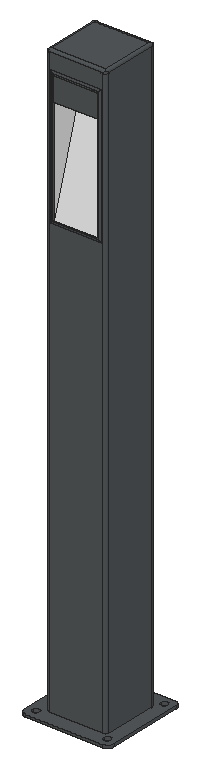
Revit family "svetilnik_alfresco_ar deko_dtu19", category Lighting Fixtures, Revit 2016 (continued)
Definition of nested family "Источник света Ар_Деко"
  Types (5, lengths in mm): name | Photometric Web File | built-in parameter 1150142
      \r\n       0.2       0.2       0.2       0.2       0.2       0.2       0.2       0.2\r\n       0.2       0.2       0.2       0.2       0.2       0.2       0.2       0.2\r\n       0.2       0.2       0.2       0.2       0.3       0.2       0.2       0.2\r\n       0.2       0.2       0.3       0.3       0.2       0.3       0.3       0.3\r\n       0.3       0.3       0.3       0.2       0.2       0.3       0.3       0.2\r\n       0.2       0.2       0.2       0.2       0.1       0.1       0.1       0.1\r\n       0.1       0.1       0.0       0.0       0.0\r\n       0.0       0.0       0.3       0.2       0.3       0.2       0.2       0.2\r\n       0.3       0.3       0.3       0.3       4.6      78.9     142.8     185.9\r\n     223.5     262.1     318.1     370.2     458.1     526.7     535.8     533.9\r\n     533.3     532.6     534.8     534.8     534.7     533.1     535.8     535.6\r\n     535.7     535.4     531.6     532.7     531.1     524.8     522.6     522.4\r\n     517.1     515.0     512.4     511.3     510.4     507.2     504.4     500.2\r\n     495.5     493.1     489.6     486.2     479.2     471.1     450.6     421.7\r\n     391.2     365.6     348.9     339.1     318.4     302.9     291.3     277.1\r\n     263.7     243.6     235.5     228.9     210.2     192.3     180.0     172.6\r\n     155.7     137.7     122.3     103.6      91.6      83.6      66.9      43.2\r\n      19.9       5.3       0.9       0.2       0.2       0.2       0.2       0.2\r\n       0.2       0.2       0.2       0.2       0.2       0.2       0.2       0.2\r\n       0.2       0.2       0.2       0.2       0.2       0.2       0.2       0.2\r\n       0.2       0.2       0.2       0.2       0.2       0.2       0.2       0.2\r\n       0.2       0.2       0.2       0.2       0.2       0.2       0.2       0.2\r\n       0.2       0.2       0.2       0.2       0.2       0.2       0.2       0.2\r\n       0.2       0.2       0.2       0.2       0.2       0.2       0.2       0.2\r\n       0.2       0.2       0.2       0.2       0.2       0.2       0.2       0.2\r\n       0.2       0.2       0.2       0.3       0.3       0.3       0.2       0.3\r\n       0.2       0.3       0.3       0.3       0.3       0.3       0.3       0.3\r\n       0.3       0.3       0.3       0.3       0.2       0.3       0.3       0.3\r\n       0.3       0.2       0.2       0.2       0.1       0.1       0.1       0.1\r\n       0.1       0.1       0.0       0.0       0.0\r\n       0.0       0.0       0.3       0.2       0.3       0.2       0.2       0.2\r\n       0.3       0.4       0.3       0.4      10.6      91.2     152.8     193.3\r\n     230.4     273.9     332.1     387.0     483.5     527.0     529.1     529.4\r\n     531.5     532.1     536.3     536.5     537.8     536.7     535.4     534.9\r\n     532.4     531.9     530.5     529.1     529.4     528.0     526.3     524.6\r\n     525.1     522.4     517.3     512.3     511.7     507.9     504.6     502.8\r\n     500.7     498.3     492.5     485.9     477.2     465.6     443.3     418.5\r\n     391.4     362.9     344.9     330.7     313.0     297.6     290.6     281.1\r\n     263.8     246.0     234.3     224.1     209.5     195.4     181.9     171.7\r\n     155.3     138.6     124.0     103.1      91.1      79.4      62.1      44.5\r\n      23.2       5.7       0.5       0.2       0.2       0.2       0.2       0.2\r\n       0.2       0.2       0.2       0.2       0.2       0.2       0.2       0.2\r\n       0.2       0.2       0.2       0.2       0.2       0.2       0.2       0.2\r\n       0.2       0.2       0.2       0.2       0.2       0.2       0.2       0.2\r\n       0.2       0.2       0.2       0.2       0.2       0.2       0.2       0.2\r\n       0.2       0.2       0.2       0.2       0.2       0.2       0.2       0.2\r\n       0.2       0.2       0.2       0.2       0.2       0.2       0.2       0.2\r\n       0.2       0.2       0.2       0.2       0.2       0.2       0.2       0.3\r\n       0.3       0.3       0.2       0.3       0.3       0.3       0.3       0.3\r\n       0.3       0.3       0.3       0.3       0.3       0.3       0.3       0.3\r\n       0.3       0.3       0.3       0.3       0.3       0.3       0.3       0.3\r\n       0.3       0.2       0.2       0.2       0.1       0.1       0.1       0.1\r\n       0.1       0.1       0.0       0.0       0.0\r\n       0.0       0.0       0.3       0.2       0.3       0.2       0.2       0.2\r\n       0.3       0.4       0.3       0.4      19.5      97.9     159.2     203.3\r\n     245.7     295.2     350.0     404.0     496.9     525.7     524.4     525.9\r\n     528.8     531.2     533.4     534.8     536.6     538.5     538.2     539.2\r\n     538.2     540.7     540.6     536.5     534.0     532.2     531.4     526.1\r\n     526.9     524.4     521.8     521.5     519.9     514.6     513.7     509.8\r\n     498.4     495.1     493.8     488.0     480.8     466.4     440.6     408.7\r\n     379.6     362.8     346.4     330.2     310.8     298.1     290.5     272.1\r\n     256.8     243.4     235.9     223.3     203.5     188.3     179.2     168.8\r\n     150.6     134.1     115.7     101.8      91.0      78.6      60.2      38.3\r\n      17.5       3.9       0.6       0.2       0.2       0.2       0.2       0.2\r\n       0.2       0.2       0.2       0.2       0.2       0.2       0.2       0.2\r\n       0.2       0.2       0.2       0.2       0.2       0.2       0.2       0.2\r\n       0.2       0.2       0.2       0.2       0.2       0.2       0.2       0.2\r\n       0.2       0.2       0.2       0.2       0.2       0.2       0.2       0.2\r\n       0.2       0.2       0.2       0.2       0.2       0.2       0.2       0.2\r\n       0.2       0.2       0.2       0.3       0.2       0.2       0.3       0.2\r\n       0.2       0.2       0.3       0.2       0.3       0.2       0.3       0.3\r\n       0.3       0.3       0.3       0.3       0.3       0.3       0.3       0.3\r\n       0.3       0.3       0.3       0.3       0.3       0.3       0.3       0.3\r\n       0.3       0.3       0.3       0.3       0.3       0.3       0.3       0.3\r\n       0.3       0.3       0.3       0.2       0.1       0.1       0.1       0.1\r\n       0.1       0.1       0.0       0.0       0.0\r\n       0.0       0.0       0.3       0.2       0.3       0.2       0.2       0.2\r\n       0.3       0.4       0.3       0.4      27.1     103.7     162.8     210.4\r\n     255.5     309.3     364.3     425.8     510.3     529.1     530.1     531.7\r\n     534.6     534.5     535.2     538.5     534.0     540.3     539.5     538.3\r\n     540.7     536.3     536.0     536.8     535.5     531.1     530.8     530.1\r\n     526.4     524.1     525.1     522.4     521.5     515.4     513.3     512.8\r\n     508.9     506.9     502.3     496.8     490.9     468.4     443.5     414.8\r\n     386.1     363.2     350.0     332.8     313.4     300.0     291.4     276.8\r\n     258.7     244.6     235.6     223.8     206.8     194.0     185.6     173.6\r\n     152.3     136.6     116.8      97.9      87.4      74.9      59.9      38.1\r\n      17.2       2.9       0.3       0.3       0.2       0.2       0.2       0.3\r\n       0.2       0.2       0.3       0.3       0.2       0.2       0.2       0.2\r\n       0.2       0.2       0.2       0.2       0.2       0.2       0.2       0.2\r\n       0.3       0.2       0.2       0.2       0.2       0.2       0.3       0.2\r\n       0.2       0.2       0.2       0.3       0.3       0.3       0.3       0.2\r\n       0.2       0.3       0.2       0.3       0.3       0.3       0.3       0.3\r\n       0.3       0.3       0.3       0.3       0.3       0.3       0.3       0.3\r\n       0.3       0.3       0.3       0.3       0.3       0.3       0.3       0.3\r\n       0.3       0.3       0.3       0.3       0.3       0.3       0.3       0.3\r\n       0.3       0.3       0.3       0.3       0.3       0.3       0.3       0.3\r\n       0.3       0.3       0.3       0.3       0.3       0.3       0.3       0.3\r\n       0.3       0.3       0.3       0.2       0.1       0.1       0.1       0.1\r\n       0.1       0.1       0.0       0.0       0.0\r\n       0.0       0.0       0.3       0.2       0.3       0.2       0.2       0.2\r\n       0.3       0.4       0.3       0.6      31.4     109.5     166.2     212.1\r\n     254.3     309.1     362.6     435.6     513.3     535.3     537.2     539.5\r\n     537.0     540.4     539.5     539.5     539.6     539.4     537.3     538.8\r\n     537.9     538.1     537.0     536.2     539.1     541.1     538.4     538.2\r\n     538.6     537.6     532.5     525.5     520.7     518.0     517.1     513.8\r\n     508.3     506.1     504.3     499.0     484.4     463.9     431.7     401.4\r\n     376.5     358.3     347.3     327.1     306.1     298.5     290.2     274.7\r\n     259.1     247.4     238.4     223.1     203.6     190.6     182.0     167.2\r\n     147.1     131.8     112.2      98.5      88.8      76.2      56.0      35.6\r\n      16.4       2.5       0.3       0.3       0.3       0.3       0.3       0.3\r\n       0.3       0.3       0.3       0.3       0.3       0.3       0.3       0.3\r\n       0.3       0.3       0.3       0.3       0.3       0.3       0.3       0.3\r\n       0.3       0.3       0.3       0.3       0.3       0.3       0.3       0.3\r\n       0.3       0.3       0.3       0.3       0.3       0.3       0.3       0.3\r\n       0.3       0.3       0.3       0.3       0.3       0.3       0.3       0.3\r\n       0.3       0.3       0.3       0.3       0.3       0.3       0.3       0.3\r\n       0.3       0.3       0.3       0.3       0.3       0.3       0.3       0.3\r\n       0.3       0.3       0.3       0.3       0.3       0.3       0.3       0.3\r\n       0.3       0.3       0.3       0.3       0.3       0.3       0.3       0.3\r\n       0.3       0.3       0.3       0.3       0.3       0.3       0.3       0.3\r\n       0.3       0.3       0.3       0.2       0.1       0.1       0.1       0.1\r\n       0.1       0.1       0.0       0.0       0.0\r\n       0.0       0.0       0.3       0.2       0.3       0.2       0.2       0.2\r\n       0.3       0.4       0.3       0.7      35.3     114.3     169.4     211.3\r\n     250.7     303.9     354.9     436.0     514.4     537.1     540.8     543.3\r\n     541.3     544.1     541.7     541.0     541.5     539.4     542.7     541.0\r\n     540.1     542.3     542.6     540.3     537.2     536.8     537.3     537.3\r\n     535.5     532.3     527.4     527.7     528.8     527.2     521.5     520.9\r\n     517.6     510.3     502.1     495.9     483.4     457.5     430.2     403.3\r\n     375.2     356.3     343.1     328.7     313.9     303.7     291.4     268.9\r\n     251.3     243.9     234.3     221.1     204.0     192.2     185.5     172.6\r\n     151.8     135.7     114.9      99.8      87.9      71.9      54.3      36.2\r\n      11.9       1.9       0.3       0.3       0.3       0.3       0.3       0.3\r\n       0.3       0.3       0.3       0.3       0.3       0.3       0.3       0.3\r\n       0.3       0.3       0.3       0.3       0.3       0.3       0.3       0.3\r\n       0.3       0.3       0.3       0.3       0.3       0.3       0.3       0.3\r\n       0.3       0.3       0.3       0.3       0.3       0.3       0.3       0.3\r\n       0.3       0.3       0.3       0.3       0.3       0.3       0.3       0.3\r\n       0.3       0.3       0.3       0.3       0.3       0.3       0.3       0.3\r\n       0.3       0.3       0.3       0.3       0.3       0.3       0.3       0.3\r\n       0.3       0.3       0.3       0.3       0.3       0.3       0.3       0.3\r\n       0.3       0.3       0.3       0.3       0.3       0.3       0.3       0.3\r\n       0.3       0.3       0.3       0.3       0.4       0.3       0.3       0.3\r\n       0.3       0.3       0.3       0.2       0.1       0.1       0.1       0.1\r\n       0.1       0.1       0.0       0.0       0.0\r\n       0.0       0.0       0.3       0.2       0.3       0.2       0.2       0.2\r\n       0.3       0.4       0.3       0.7      40.0     116.6     170.4     211.8\r\n     252.8     307.4     357.2     439.0     514.5     533.9     539.0     540.9\r\n     541.5     540.2     540.5     542.9     542.6     541.7     538.4     538.3\r\n     537.7     537.4     538.8     542.3     537.9     537.5     538.0     534.0\r\n     531.1     530.1     530.4     528.4     524.9     526.0     523.7     518.4\r\n     512.6     507.1     501.8     494.2     478.4     454.0     426.9     395.5\r\n     372.9     358.1     341.9     323.2     309.6     299.7     288.2     270.6\r\n     252.3     243.9     234.1     218.3     203.0     193.9     184.1     168.5\r\n     147.5     130.7     109.3      94.1      86.6      74.5      54.5      28.8\r\n      12.5       2.7       0.4       0.3       0.3       0.3       0.3       0.3\r\n       0.3       0.3       0.3       0.3       0.3       0.3       0.3       0.3\r\n       0.3       0.3       0.3       0.3       0.3       0.3       0.3       0.3\r\n       0.3       0.3       0.3       0.3       0.3       0.3       0.3       0.3\r\n       0.3       0.3       0.3       0.3       0.3       0.3       0.3       0.3\r\n       0.3       0.3       0.3       0.3       0.3       0.3       0.3       0.3\r\n       0.3       0.4       0.3       0.3       0.3       0.3       0.3       0.3\r\n       0.3       0.3       0.3       0.3       0.4       0.4       0.3       0.4\r\n       0.4       0.4       0.3       0.4       0.4       0.4       0.4       0.3\r\n       0.3       0.3       0.4       0.4       0.4       0.3       0.3       0.4\r\n       0.3       0.3       0.3       0.3       0.4       0.3       0.3       0.3\r\n       0.3       0.3       0.3       0.2       0.1       0.1       0.1       0.1\r\n       0.1       0.1       0.0       0.0       0.0\r\n"
    3 | "DTU19ArDeco8w.ies" | "IESNA:LM-63-1995\r\n[TEST] alf\r\n[MANUFAC] Alfresco\r\n[LUMCAT]  \r\n[LUMINAIRE] Ar Deco LED 4000K\r\n[LAMPCAT] LED\r\n[LAMP] 500 lm, 8 W\r\n[OTHER] \r\n[MORE] \r\nTILT=NONE\r\n1 500 0.5 181 144 1 2 0.200 0.230 0.100\r\n1.0 1.0 8\r\n   0.0   1.0   2.0   3.0   4.0   5.0   6.0   7.0   8.0   9.0  10.0  11.0  12.0\r\n  13.0  14.0  15.0  16.0  17.0  18.0  19.0  20.0  21.0  22.0  23.0  24.0  25.0\r\n  26.0  27.0  28.0  29.0  30.0  31.0  32.0  33.0  34.0  35.0  36.0  37.0  38.0\r\n  39.0  40.0  41.0  42.0  43.0  44.0  45.0  46.0  47.0  48.0  49.0  50.0  51.0\r\n  52.0  53.0  54.0  55.0  56.0  57.0  58.0  59.0  60.0  61.0  62.0  63.0  64.0\r\n  65.0  66.0  67.0  68.0  69.0  70.0  71.0  72.0  73.0  74.0  75.0  76.0  77.0\r\n  78.0  79.0  80.0  81.0  82.0  83.0  84.0  85.0  86.0  87.0  88.0  89.0  90.0\r\n  91.0  92.0  93.0  94.0  95.0  96.0  97.0  98.0  99.0 100.0 101.0 102.0 103.0\r\n 104.0 105.0 106.0 107.0 108.0 109.0 110.0 111.0 112.0 113.0 114.0 115.0 116.0\r\n 117.0 118.0 119.0 120.0 121.0 122.0 123.0 124.0 125.0 126.0 127.0 128.0 129.0\r\n 130.0 131.0 132.0 133.0 134.0 135.0 136.0 137.0 138.0 139.0 140.0 141.0 142.0\r\n 143.0 144.0 145.0 146.0 147.0 148.0 149.0 150.0 151.0 152.0 153.0 154.0 155.0\r\n 156.0 157.0 158.0 159.0 160.0 161.0 162.0 163.0 164.0 165.0 166.0 167.0 168.0\r\n 169.0 170.0 171.0 172.0 173.0 174.0 175.0 176.0 177.0 178.0 179.0 180.0\r\n   0.0   2.5   5.0   7.5  10.0  12.5  15.0  17.5  20.0  22.5  25.0  27.5  30.0\r\n  32.5  35.0  37.5  40.0  42.5  45.0  47.5  50.0  52.5  55.0  57.5  60.0  62.5\r\n  65.0  67.5  70.0  72.5  75.0  77.5  80.0  82.5  85.0  87.5  90.0  92.5  95.0\r\n  97.5 100.0 102.5 105.0 107.5 110.0 112.5 115.0 117.5 120.0 122.5 125.0 127.5\r\n 130.0 132.5 135.0 137.5 140.0 142.5 145.0 147.5 150.0 152.5 155.0 157.5 160.0\r\n 162.5 165.0 167.5 170.0 172.5 175.0 177.5 180.0 182.5 185.0 187.5 190.0 192.5\r\n 195.0 197.5 200.0 202.5 205.0 207.5 210.0 212.5 215.0 217.5 220.0 222.5 225.0\r\n 227.5 230.0 232.5 235.0 237.5 240.0 242.5 245.0 247.5 250.0 252.5 255.0 257.5\r\n 260.0 262.5 265.0 267.5 270.0 272.5 275.0 277.5 280.0 282.5 285.0 287.5 290.0\r\n 292.5 295.0 297.5 300.0 302.5 305.0 307.5 310.0 312.5 315.0 317.5 320.0 322.5\r\n 325.0 327.5 330.0 332.5 335.0 337.5 340.0 342.5 345.0 347.5 350.0 352.5 355.0\r\n 357.5\r\n       0.0       0.0       0.3       0.2       0.3       0.2       0.2       0.2\r\n       0.3       0.4       0.3       0.6      42.2     117.1     170.7     214.2\r\n     258.7     319.6     369.3     451.0     520.0     533.0     535.9     537.3\r\n     538.1     538.9     540.3     540.7     541.3     539.5     539.1     541.1\r\n     537.8     538.1     538.0     534.4     536.2     536.2     536.0     534.2\r\n     534.6     534.5     531.1     526.4     523.8     518.6     512.4     510.6\r\n     507.9     508.0     504.1     496.7     479.1     456.8     426.3     398.5\r\n     375.1     358.5     344.5     328.6     309.2     299.3     289.2     271.3\r\n     255.6     247.7     236.6     219.3     199.9     188.8     177.4     168.0\r\n     146.3     133.2     112.5      99.6      89.3      71.8      54.9      33.8\r\n      15.4       2.2       0.4       0.3       0.3       0.3       0.3       0.3\r\n       0.3       0.3       0.3       0.3       0.3       0.3       0.3       0.3\r\n       0.3       0.3       0.3       0.3       0.3       0.3       0.3       0.3\r\n       0.3       0.3       0.3       0.3       0.3       0.3       0.3       0.3\r\n       0.3       0.3       0.4       0.3       0.3       0.3       0.3       0.3\r\n       0.3       0.3       0.3       0.3       0.3       0.3       0.3       0.3\r\n       0.3       0.3       0.3       0.3       0.4       0.3       0.3       0.3\r\n       0.3       0.3       0.3       0.3       0.3       0.3       0.3       0.4\r\n       0.3       0.4       0.3       0.3       0.4       0.4       0.3       0.3\r\n       0.3       0.3       0.4       0.4       0.4       0.3       0.4       0.3\r\n       0.4       0.3       0.3       0.3       0.3       0.3       0.3       0.3\r\n       0.3       0.3       0.3       0.2       0.1       0.1       0.1       0.1\r\n       0.1       0.1       0.0       0.0       0.0\r\n       0.0       0.0       0.3       0.2       0.3       0.2       0.2       0.2\r\n       0.3       0.4       0.3       0.5      41.0     117.7     171.3     215.4\r\n     260.8     325.4     378.6     456.3     517.0     532.5     531.2     530.6\r\n     533.8     535.4     537.1     536.8     539.4     539.8     540.8     537.7\r\n     538.8     539.1     536.6     538.5     538.5     534.2     532.0     530.3\r\n     527.0     525.0     524.0     520.7     516.4     516.6     521.3     520.7\r\n     515.6     508.0     502.8     491.4     475.0     452.1     422.1     394.1\r\n     372.7     356.3     342.1     325.4     311.5     302.9     290.4     269.2\r\n     249.8     239.8     231.4     216.1     200.7     190.4     184.1     168.2\r\n     151.5     134.0     110.8      93.3      87.5      70.4      51.7      31.3\r\n      11.2       1.4       0.3       0.2       0.3       0.3       0.2       0.3\r\n       0.3       0.3       0.3       0.3       0.3       0.3       0.3       0.3\r\n       0.3       0.3       0.3       0.3       0.3       0.3       0.3       0.3\r\n       0.3       0.3       0.3       0.3       0.3       0.3       0.3       0.3\r\n       0.3       0.3       0.3       0.3       0.3       0.3       0.3       0.3\r\n       0.3       0.3       0.3       0.3       0.3       0.3       0.3       0.3\r\n       0.3       0.3       0.3       0.3       0.3       0.3       0.3       0.3\r\n       0.3       0.3       0.3       0.3       0.3       0.3       0.3       0.3\r\n       0.3       0.3       0.3       0.3       0.3       0.3       0.3       0.3\r\n       0.3       0.3       0.3       0.3       0.3       0.3       0.3       0.3\r\n       0.3       0.3       0.3       0.3       0.3       0.3       0.3       0.3\r\n       0.3       0.3       0.3       0.2       0.1       0.1       0.1       0.1\r\n       0.1       0.1       0.0       0.0       0.0\r\n       0.0       0.0       0.3       0.2       0.3       0.2       0.2       0.2\r\n       0.3       0.4       0.3       0.5      37.1     116.6     171.3     213.0\r\n     256.4     316.4     371.9     447.1     517.9     530.3     527.4     530.0\r\n     532.0     533.4     534.7     538.3     537.7     537.7     539.1     537.0\r\n     539.6     538.7     536.7     536.3     535.7     535.0     531.7     528.4\r\n     525.6     522.4     519.0     519.8     521.5     516.3     509.2     504.6\r\n     499.6     497.0     491.2     484.9     473.6     454.6     426.7     394.4\r\n     372.6     354.1     339.1     322.1     304.7     296.7     285.9     264.5\r\n     250.2     241.4     232.9     222.3     204.4     193.5     181.5     167.0\r\n     144.6     128.3     108.2      97.8      87.7      72.8      54.3      33.6\r\n      13.7       2.0       0.3       0.3       0.3       0.3       0.3       0.3\r\n       0.3       0.3       0.3       0.3       0.3       0.3       0.3       0.3\r\n       0.3       0.3       0.3       0.3       0.3       0.3       0.3       0.3\r\n       0.3       0.3       0.3       0.3       0.3       0.3       0.3       0.3\r\n       0.3       0.3       0.3       0.3       0.3       0.3       0.3       0.3\r\n       0.3       0.3       0.3       0.3       0.3       0.3       0.3       0.3\r\n       0.3       0.3       0.3       0.3       0.3       0.2       0.3       0.2\r\n       0.3       0.3       0.3       0.3       0.3       0.3       0.3       0.3\r\n       0.3       0.3       0.3       0.3       0.3       0.3       0.3       0.3\r\n       0.3       0.3       0.3       0.3       0.3       0.3       0.3       0.3\r\n       0.3       0.3       0.3       0.3       0.3       0.3       0.3       0.3\r\n       0.3       0.3       0.3       0.2       0.1       0.1       0.1       0.1\r\n       0.1       0.1       0.0       0.0       0.0\r\n       0.0       0.0       0.3       0.2       0.3       0.2       0.2       0.2\r\n       0.3       0.4       0.3       0.4      31.5     112.4     168.7     208.9\r\n     248.4     300.9     354.4     425.2     517.9     531.8     530.2     529.9\r\n     530.6     536.5     536.2     538.3     536.7     539.1     540.4     539.2\r\n     537.9     531.5     533.7     529.8     525.5     525.8     526.8     527.4\r\n     527.9     526.1     524.3     519.1     514.8     507.6     503.3     501.5\r\n     500.6     497.9     490.3     484.7     474.8     447.6     417.2     391.8\r\n     365.8     347.7     336.4     320.2     303.1     292.4     281.7     264.5\r\n     248.6     241.5     230.1     215.3     197.6     185.6     180.3     164.6\r\n     145.8     129.7     111.5      94.4      87.2      71.8      52.4      30.0\r\n       9.8       1.8       0.3       0.2       0.2       0.2       0.2       0.2\r\n       0.2       0.2       0.2       0.2       0.2       0.2       0.2       0.2\r\n       0.2       0.2       0.2       0.2       0.2       0.2       0.2       0.2\r\n       0.2       0.2       0.2       0.2       0.2       0.2       0.2       0.2\r\n       0.2       0.2       0.2       0.2       0.2       0.2       0.2       0.3\r\n       0.2       0.2       0.2       0.3       0.3       0.2       0.2       0.2\r\n       0.2       0.2       0.2       0.2       0.2       0.2       0.2       0.3\r\n       0.3       0.3       0.3       0.3       0.3       0.3       0.3       0.3\r\n       0.3       0.3       0.3       0.3       0.3       0.3       0.3       0.3\r\n       0.3       0.3       0.3       0.3       0.3       0.3       0.3       0.3\r\n       0.3       0.3       0.3       0.3       0.3       0.3       0.3       0.3\r\n       0.3       0.3       0.3       0.2       0.1       0.1       0.1       0.1\r\n       0.1       0.1       0.0       0.0       0.0\r\n       0.0       0.0       0.3       0.2       0.3       0.2       0.2       0.2\r\n       0.3       0.4       0.3       0.4      24.8     106.4     163.6     206.3\r\n     243.7     291.4     344.2     412.1     509.4     531.4     536.1     533.0\r\n     534.5     532.9     533.5     534.3     531.7     535.9     534.5     534.5\r\n     533.7     536.8     533.2     532.0     529.5     529.5     526.3     520.8\r\n     518.4     513.6     509.1     504.7     501.3     500.4     500.1     498.3\r\n     494.3     492.8     492.5     486.7     472.0     455.7     428.9     397.0\r\n     373.1     355.6     342.6     322.3     305.8     298.4     287.7     272.8\r\n     252.2     238.0     232.3     218.8     200.2     187.3     178.3     166.9\r\n     148.8     131.4     112.9      98.6      86.1      72.1      52.4      35.6\r\n      14.2       2.5       0.3       0.2       0.2       0.2       0.2       0.2\r\n       0.2       0.2       0.2       0.2       0.2       0.2       0.2       0.2\r\n       0.2       0.2       0.2       0.2       0.2       0.2       0.2       0.2\r\n       0.2       0.2       0.2       0.2       0.2       0.2       0.2       0.2\r\n       0.2       0.2       0.2       0.2       0.2       0.2       0.2       0.2\r\n       0.2       0.2       0.2       0.2       0.2       0.2       0.2       0.2\r\n       0.2       0.2       0.2       0.2       0.2       0.2       0.2       0.2\r\n       0.2       0.2       0.2       0.3       0.3       0.3       0.3       0.3\r\n       0.3       0.2       0.3       0.3       0.3       0.3       0.3       0.3\r\n       0.3       0.2       0.3       0.3       0.3       0.3       0.3       0.3\r\n       0.3       0.3       0.3       0.3       0.3       0.3       0.3       0.3\r\n       0.3       0.3       0.3       0.2       0.1       0.1       0.1       0.1\r\n       0.1       0.1       0.0       0.0       0.0\r\n       0.0       0.0       0.3       0.2       0.3       0.2       0.2       0.2\r\n       0.3       0.3       0.3       0.4      17.1      98.3     157.9     203.3\r\n     243.5     288.8     341.5     399.2     498.2     531.6     536.5     539.6\r\n     536.4     535.9     534.9     534.3     537.2     534.7     532.7     533.5\r\n     531.0     532.8     532.9     531.4     529.8     523.6     521.7     518.2\r\n     512.8     512.5     514.0     513.7     510.4     508.2     506.0     498.4\r\n     492.2     489.1     485.6     482.1     471.4     456.6     430.8     403.0\r\n     372.4     350.6     337.0     324.2     306.0     294.1     282.4     263.5\r\n     245.0     237.5     228.3     216.6     199.1     184.5     174.7     163.3\r\n     145.1     131.5     113.4      96.6      84.9      69.5      52.7      30.9\r\n      11.2       1.5       0.2       0.2       0.2       0.2       0.2       0.2\r\n       0.2       0.2       0.2       0.2       0.2       0.2       0.2       0.2\r\n       0.2       0.2       0.2       0.2       0.2       0.2       0.2       0.2\r\n       0.2       0.2       0.2       0.2       0.2       0.2       0.2       0.2\r\n       0.2       0.2       0.2       0.2       0.2       0.2       0.2       0.2\r\n       0.2       0.2       0.2       0.2       0.2       0.2       0.2       0.2\r\n       0.2       0.2       0.2       0.2       0.2       0.2       0.2       0.2\r\n       0.2       0.2       0.2       0.2       0.2       0.2       0.3       0.2\r\n       0.2       0.2       0.2       0.3       0.2       0.3       0.3       0.2\r\n       0.3       0.3       0.3       0.3       0.3       0.3       0.3       0.3\r\n       0.3       0.3       0.3       0.3       0.3       0.3       0.3       0.3\r\n       0.3       0.3       0.3       0.2       0.1       0.1       0.1       0.1\r\n       0.1       0.1       0.0       0.0       0.0\r\n       0.0       0.0       0.3       0.2       0.3       0.2       0.2       0.2\r\n       0.3       0.3       0.3       0.3      10.3      87.0     151.7     196.3\r\n     240.3     285.3     341.4     390.0     481.8     528.6     532.2     535.8\r\n     537.8     534.6     535.8     536.9     531.3     531.2     531.1     530.2\r\n     530.5     528.0     526.8     526.7     526.2     527.2     525.7     523.0\r\n     522.0     521.3     519.5     512.2     509.3     506.1     499.4     493.6\r\n     491.7     489.9     484.0     481.1     477.4     461.1     435.9     406.7\r\n     376.0     357.7     343.1     328.4     309.8     294.8     284.4     275.9\r\n     255.3     241.5     231.8     221.0     201.3     186.3     177.9     166.5\r\n     151.5     131.3     114.1      94.6      84.8      75.3      57.0      38.1\r\n      17.3       3.9       0.3       0.2       0.2       0.2       0.2       0.2\r\n       0.2       0.2       0.2       0.2       0.2       0.2       0.2       0.2\r\n       0.2       0.2       0.2       0.2       0.2       0.2       0.2       0.2\r\n       0.2       0.2       0.2       0.2       0.2       0.2       0.2       0.2\r\n       0.2       0.2       0.2       0.2       0.2       0.2       0.2       0.2\r\n       0.2       0.2       0.2       0.2       0.2       0.2       0.2       0.2\r\n       0.2       0.2       0.2       0.2       0.2       0.2       0.2       0.2\r\n       0.2       0.2       0.2       0.2       0.2       0.2       0.2       0.2\r\n       0.2       0.2       0.2       0.2       0.2       0.2       0.2       0.3\r\n       0.2       0.3       0.3       0.2       0.3       0.2       0.3       0.2\r\n       0.3       0.3       0.3       0.3       0.3       0.3       0.3       0.3\r\n       0.3       0.3       0.3       0.2       0.1       0.1       0.1       0.1\r\n       0.1       0.1       0.0       0.0       0.0\r\n       0.0       0.0       0.3       0.2       0.3       0.2       0.2       0.2\r\n       0.3       0.3       0.3       0.3       5.6      74.0     142.7     185.2\r\n     227.7     273.3     331.6     380.2     456.3     516.8     525.8     527.5\r\n     529.4     529.3     531.3     530.5     530.9     531.4     533.3     533.4\r\n     529.7     529.5     529.1     528.6     524.5     522.5     521.5     523.8\r\n     519.8     515.4     510.4     509.3     510.5     504.9     496.0     496.7\r\n     495.8     485.4     481.7     478.5     470.5     458.7     435.0     404.8\r\n     378.5     352.6     336.8     324.0     302.7     289.1     279.9     268.3\r\n     250.2     234.6     224.6     215.6     198.0     184.8     177.1     168
